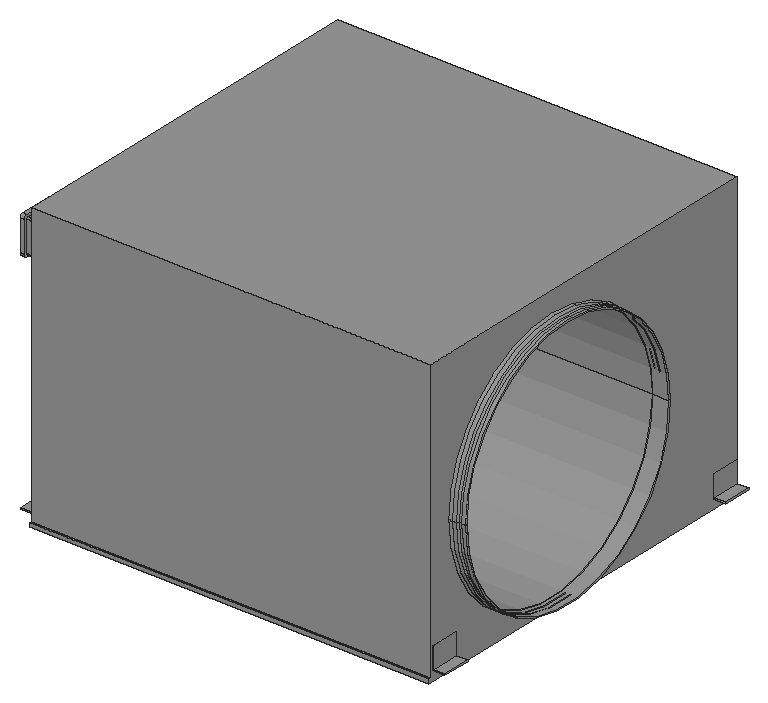
Revit family "IRE 630 E3 ErP AC_", category Mechanical Equipment, Revit 2014
Parameters (values of type "IRE 630 E3 ErP AC")
  Wiring diagram = "Y 4040004 / Δ 4040003"
  Width = 1067 mm
  Weight = 113.00 kg
  Voltage range = "380-415 V"
  Voltage = 400 V
  Speed = "1390 rpm"
  Sound pressure level at 3 m = "56 dB(A)"
  Power = 3210 W
  Phase = 3
  Max. temperature of transported air when speed controlled = 55 °C
  Max. temperature of transported air = 55 °C
  Main Material = Steel, Galvanized
  Height = 703 mm
  Frequency = 50 Hz
  Elevation [instance] = 2600 mm
  Diameter = 630 mm
  Description = "Insulated duct fans with circular connections"
  Depth = 955 mm
  Current = 8.9 A
  Capacitor = "- μF"
Reference planes
  plane 1 "Center (Front/Back)": y = 0
  plane 2: z = 0
  plane 3 "Center (Left/Right)": x = 0
  plane 4: z = 2600
Dimensions and locks
  "Elevation": plane 4 to plane 2
  aligned and locked: level to plane 2
  aligned and locked: nested 1 to plane 4
  aligned and locked: plane 3 "Center (Left/Right)" to nested 1
  aligned and locked: plane 1 "Center (Front/Back)" to nested 1
  aligned and locked: nested 1 to nested 2  (x2)
Nested families
  nested 1: "IRE" at (0, 0, 2600), type "IRE"
  nested 2: "Flow direction symbol" at (0, 0, 0), type "Flow direction symbol"
Connectors
  hvac at (-533.5, -101.5, 2937), driven by "Diameter"
    settings: on nested 1, index 1, duct flow 0.0 L/s, flow factor 0, pres drop 0.0 Pa, loss coef 0, conn angle 0.00°, conn width 304.8 mm, conn height 304.8 mm, conn diameter 630 mm, duct sys type 1, conn prof type 0, flow config 0, flow direction 1, loss method 0, conn ref index -1, conn util no, is conn primary yes, conn desc ""
  electrical at (-533.5, -408, 3219.5), driven by "Phase", driven by "Voltage", driven by "Power"
    settings: on nested 1, index 2, voltage 400 V, apparent load 0 VA, apparent load phase1 3210 VA, apparent load phase2 0 VA, apparent load phase3 0 VA, power factor 1, load classification "HVAC", number of poles 3, system type 31, power factor state 1, is connector primary yes, connector utility no, sub classification motor no, connector description ""
  hvac at (533.5, -101.5, 2937), driven by "Diameter"
    settings: on nested 1, index 3, duct flow 0.0 L/s, flow factor 0, pres drop 0.0 Pa, loss coef 0, conn angle 0.00°, conn width 304.8 mm, conn height 304.8 mm, conn diameter 630 mm, duct sys type 3, conn prof type 0, flow config 0, flow direction 2, loss method 0, conn ref index -1, conn util no, is conn primary no, conn desc ""
Definition of nested family "IRE"
  Parameters (values of type "IRE")
    Width = 1067 mm
    Main Material = Steel, Galvanized
    Height = 703 mm
    Description = ""
    Depth = 955 mm
  Reference planes
    plane 1 "Center (Front/Back)": y = 0
    plane 2: z = 0
    plane 3 "Center (Left/Right)": x = 0
    plane 4: z = 703
    plane 5 "Horizontal Pipe Axis": z = 337
    plane 6: z = 10
    plane 7: z = 693
    plane 8: x = -492
    plane 9: x = 492
    plane 10: x = -533.5
    plane 11: x = 533.5
    plane 12: y = 477.5
    plane 13: y = -477.5
    plane 14 "Vertical Pipe Axis": y = -101.5
    plane 15: x = -523.5
  Forms (mm)
    Extrusion 1, solid, material "Steel, Galvanized" <- "Main Material", detail levels medium+fine
      sketch origin (0, 0, 0) x (0, 1, 0) y (0, 0, 1)
        loop
          line (-477.5, 0) -> (477.5, 0) -> (477.5, 10) -> (472.5, 10) -> (472.5, 11) -> (472.5, 703) -> (-472.5, 703) -> (-472.5, 10) -> (-477.5, 10) -> (-477.5, 0)
      from -492 to 492
    Extrusion 2, void
      sketch origin (0, 0, 0) x (0, 1, 0) y (0, 0, 1)
        loop
          circle (-101.5, 337) r 312.5
      from -809.837 to 685.981
    Extrusion 3, solid, material "Steel, Galvanized" <- "Main Material", detail levels coarse
      sketch origin (0, 0, 0) x (0, 1, 0) y (0, 0, 1)
        loop
          circle (-101.5, 337) r 315
      from 492 to 533.5
    Extrusion 4, solid, material "Steel, Galvanized" <- "Main Material", detail levels coarse
      sketch origin (0, 0, 0) x (0, 1, 0) y (0, 0, -1)
        loop
          circle (-101.5, -337) r 315
      from 492 to 533.5
    Revolve 5, solid, material "Steel, Galvanized" <- "Main Material", detail levels medium+fine
      sketch origin (0, 0, 337) x (-1, 0, 0) y (0, -1, 0)
        loop
          line (533.5, 101.5) -> (492, 101.5) -> (492, -214.125)
          arc (492, -214.125) -> (496.25, -216.125) -> (500.5, -214.125) r 5.516
          line (500.5, -214.125) -> (512.875, -214.125) -> (515.5, -211.5) -> (525.5, -211.5) -> (525.5, -213.5) -> (533.5, -213.5) -> (533.5, 101.5)
        axis (492, 101.5) -> (533.5, 101.5)
      angle from 0 to 360
    Extrusion 6, solid, material "Steel, Galvanized" <- "Main Material", detail levels coarse
      sketch origin (0, 0, 0) x (0, 1, 0) y (0, 0, 1)
        loop
          line (477.5, 703) -> (-477.5, 703) -> (-477.5, 0) -> (477.5, 0) -> (477.5, 703)
      from -492 to 492
    Sweep 7, solid, material "Plastic, Opaque White", detail levels medium+fine
      path origin (0, 0, 0) x (1, 0, 0) y (0, 1, 0)
        loop
          line (-523.5, 467.5) -> (-533.5, 467.5)
      profile origin (-528.5, 467.5, 0) x (0, -1, 0) y (0, 0, 1)
        loop
          arc (837.073, 666) -> (831.365, 663.635) -> (829, 657.927) r 8.073
          line (829, 657.927) -> (829, 581.073)
          arc (829, 581.073) -> (831.365, 575.365) -> (837.073, 573) r 8.073
          line (837.073, 573) -> (913.927, 573)
          arc (913.927, 573) -> (919.635, 575.365) -> (922, 581.073) r 8.073
          line (922, 581.073) -> (922, 657.927)
          arc (922, 657.927) -> (919.635, 663.635) -> (913.927, 666) r 8.073
          line (913.927, 666) -> (837.073, 666)
    Sweep 8, solid, material "Plastic, Opaque White", detail levels medium+fine
      path origin (0, 0, 0) x (1, 0, 0) y (0, 1, 0)
        loop
          line (-523.5, 426) -> (-492, 426)
      profile origin (-507.75, 426, 0) x (0, 1, 0) y (0, 0, 1)
        loop
          line (-795.573, 661) -> (-872.427, 661)
          arc (-872.427, 661) -> (-874.6, 660.1) -> (-875.5, 657.927) r 3.073
          line (-875.5, 657.927) -> (-875.5, 581.073)
          arc (-875.5, 581.073) -> (-874.6, 578.9) -> (-872.427, 578) r 3.073
          line (-872.427, 578) -> (-795.573, 578)
          arc (-795.573, 578) -> (-793.4, 578.9) -> (-792.5, 581.073) r 3.073
          line (-792.5, 581.073) -> (-792.5, 657.927)
          arc (-792.5, 657.927) -> (-793.4, 660.1) -> (-795.573, 661) r 3.073
    Revolve 9, solid, material "Steel, Galvanized" <- "Main Material", detail levels medium+fine
      sketch origin (0, 0, 337) x (1, 0, 0) y (0, -1, 0)
        loop
          line (533.5, 101.5) -> (492, 101.5) -> (492, -214.125)
          arc (492, -214.125) -> (496.25, -216.125) -> (500.5, -214.125) r 5.516
          line (500.5, -214.125) -> (512.875, -214.125) -> (515.5, -211.5) -> (525.5, -211.5) -> (525.5, -213.5) -> (533.5, -213.5) -> (533.5, 101.5)
        axis (492, 101.5) -> (533.5, 101.5)
      angle from 0 to 360
    Sweep 10, solid, material "Steel, Galvanized" <- "Main Material", detail levels medium+fine
      path origin (-492, 466.36, 1200) x (0, 1, 0) y (0, 0, 1)
        loop
          line (1.14, -1190) -> (-68.86, -1190)
      profile origin (-492, 432.5, 10) x (0, 0, -1) y (1, 0, 0)
        loop
          line (-15, -31.5) -> (-15, 0) -> (-70, 0) -> (-70, -3) -> (-18, -3) -> (-18, -31.5) -> (-15, -31.5)
    Sweep 11, solid, material "Steel, Galvanized" <- "Main Material", detail levels medium+fine
      path origin (-492, -466.36, 1200) x (0, -1, 0) y (0, 0, -1)
        loop
          line (1.14, 1190) -> (-68.86, 1190)
      profile origin (-492, -432.5, 10) x (0, 0, 1) y (1, 0, 0)
        loop
          line (15, -31.5) -> (18, -31.5) -> (18, -3) -> (70, -3) -> (70, 0) -> (15, 0) -> (15, -31.5)
    Sweep 12, solid, material "Steel, Galvanized" <- "Main Material", detail levels medium+fine
      path origin (492, 466.36, 1200) x (0, 1, 0) y (0, 0, 1)
        loop
          line (1.14, -1190) -> (-68.86, -1190)
      profile origin (492, 432.5, 10) x (0, 0, 1) y (-1, 0, 0)
        loop
          line (15, -31.5) -> (18, -31.5) -> (18, -3) -> (70, -3) -> (70, 0) -> (15, 0) -> (15, -31.5)
    Sweep 13, solid, material "Steel, Galvanized" <- "Main Material", detail levels medium+fine
      path origin (492, 466.36, 1200) x (0, 1, 0) y (0, 0, 1)
        loop
          line (-933.86, -1190) -> (-863.86, -1190)
      profile origin (492, -432.5, 10) x (0, 0, -1) y (-1, 0, 0)
        loop
          line (-15, -31.5) -> (-15, 0) -> (-70, 0) -> (-70, -3) -> (-18, -3) -> (-18, -31.5) -> (-15, -31.5)
  Cuts and joins
    Extrusion 2 cuts Extrusion 1
    joined: Sweep 7, Sweep 8
    Extrusion 2 cuts Revolve 5
    Extrusion 2 cuts Revolve 9
  Dimensions and locks
    equal spacing: plane 10, plane 3 "Center (Left/Right)", plane 11
    "Width": plane 10 to plane 11
    "Height": plane 4 to level
    locked: plane 4 to plane 7 at 10
    locked: plane 10 to plane 15 at 10
    locked: plane 10 to plane 8 at 41.5
    locked: plane 9 to plane 11 at 41.5
    "Depth": plane 13 to plane 12
    locked: plane 14 "Vertical Pipe Axis" to Revolve 5 sketch curve at 315
    locked: plane 14 "Vertical Pipe Axis" to Revolve 5 sketch curve at 313
    plane 14 "Vertical Pipe Axis" to Revolve 5 sketch curve = 315.625 mm
    locked: Revolve 9 sketch curve to plane 14 "Vertical Pipe Axis" at 315.625
    locked: Revolve 9 sketch curve to plane 14 "Vertical Pipe Axis" at 313
    locked: Revolve 9 sketch curve to plane 14 "Vertical Pipe Axis" at 315
    plane 12 to Sweep 10 sketch curve to Sweep 10 sketch curve = 10 mm locked, 70 mm locked
    equal spacing: plane 13, plane 1 "Center (Front/Back)", plane 12
    locked: Sweep 11 sketch curve to Sweep 11 sketch curve at 70
    locked: Sweep 11 sketch curve to plane 13 at 10
    locked: Sweep 12 sketch curve to Sweep 12 sketch curve at 70
    locked: Sweep 13 sketch curve to Sweep 13 sketch curve at 70
    locked: Sweep 13 sketch curve to plane 13 at 10
    locked: plane 12 to Sweep 12 sketch curve at 10
    plane 13 to plane 14 "Vertical Pipe Axis" = 376 mm
    plane 4 to plane 5 "Horizontal Pipe Axis" = 366 mm
    aligned and locked: level to plane 2
    aligned and locked: Extrusion 1 sketch curve to plane 13
    aligned and locked: plane 2 to Extrusion 1 sketch curve
    aligned and locked: Extrusion 1 sketch curve to plane 12
    aligned and locked: Extrusion 1 to plane 9
    aligned and locked: Extrusion 1 to plane 8
    aligned and locked: Extrusion 3 to plane 11
    aligned and locked: plane 9 to Extrusion 3
    aligned and locked: Extrusion 4 to plane 10
    aligned and locked: plane 8 to Extrusion 4
    aligned and locked: Extrusion 4 to plane 8
    aligned and locked: plane 4 to Extrusion 6 sketch curve
    aligned and locked: plane 12 to Extrusion 6 sketch curve
    aligned and locked: Extrusion 6 sketch curve to cut or joined group of Extrusion 1, Extrusion 2  (x2)
    aligned and locked: Extrusion 6 to plane 8
    aligned and locked: Extrusion 6 to plane 9
    aligned and locked: plane 10 to Sweep 7 sketch curve
    aligned and locked: plane 15 to Sweep 7 sketch curve
    aligned and locked: plane 8 to Sweep 8 sketch curve
    aligned and locked: plane 15 to Sweep 8 sketch curve
    aligned and locked: Revolve 5 sketch curve to plane 14 "Vertical Pipe Axis"  (x2)
    aligned and locked: plane 9 to Revolve 9 sketch curve
    aligned and locked: Revolve 9 sketch curve to plane 11
    aligned and locked: plane 14 "Vertical Pipe Axis" to Revolve 9 sketch curve  (x2)
    aligned and locked: plane 6 to Sweep 11 sketch curve
    aligned and locked: plane 6 to Sweep 13 sketch curve
    aligned and locked: Sweep 12 sketch curve to plane 6
  Automatic sketch dimensions
    Extrusion 1 sketch curve to plane 4 = 0 mm
    Extrusion 1 sketch curve to plane 6 = 0 mm  (x2)
    Extrusion 1 sketch curve to plane 13 = 5 mm
    Extrusion 1 sketch curve to plane 12 = 5 mm
    plane 6 to Extrusion 1 sketch curve = 1 mm
    Extrusion 2 sketch curve to plane 5 "Horizontal Pipe Axis" = 0 mm
    Extrusion 2 sketch curve to plane 14 "Vertical Pipe Axis" = 0 mm
    Extrusion 3 sketch curve to plane 5 "Horizontal Pipe Axis" = 0 mm
    Extrusion 3 sketch curve to plane 14 "Vertical Pipe Axis" = 0 mm
    Extrusion 4 sketch curve to plane 5 "Horizontal Pipe Axis" = 0 mm
    Extrusion 4 sketch curve to plane 14 "Vertical Pipe Axis" = 0 mm
    Revolve 5 sketch curve to plane 8 = 0 mm  (x2)
    Revolve 5 sketch curve to plane 10 = 0 mm
    Revolve 5 sketch curve to plane 8 = 4.25 mm
    Revolve 5 sketch curve to Revolve 5 sketch curve = 4.25 mm
    plane 15 to Revolve 5 sketch curve = 10.625 mm
    Revolve 5 sketch curve to Revolve 5 sketch curve = 2.625 mm
    Revolve 5 sketch curve to plane 15 = 2 mm
    Revolve 5 sketch curve to Revolve 5 sketch curve = 3.515 mm
    Revolve 5 sketch curve to Revolve 5 sketch curve = 93.5 mm
    Sweep 7 sketch curve to plane 12 = 10 mm
    Sweep 7 sketch curve to profile plane = 829 mm
    Sweep 7 sketch curve to Sweep 7 sketch curve = 8.073 mm  (x3)
    Sweep 7 sketch curve to Sweep 7 sketch curve = 76.854 mm  (x3)
    level to Sweep 7 sketch curve = 573 mm
    Sweep 8 sketch curve to plane 12 = 51.5 mm
    profile plane to Sweep 8 sketch curve = 875.5 mm
    Sweep 8 sketch curve to Sweep 8 sketch curve = 3.073 mm  (x3)
    Sweep 8 sketch curve to Sweep 8 sketch curve = 76.854 mm  (x2)
    Sweep 8 sketch curve to Sweep 8 sketch curve = 0 mm
    level to Sweep 8 sketch curve = 578 mm
    Revolve 9 sketch curve to plane 9 = 0 mm
    plane 9 to Revolve 9 sketch curve = 4.25 mm
    Revolve 9 sketch curve to Revolve 9 sketch curve = 4.25 mm
    Revolve 9 sketch curve to Revolve 9 sketch curve = 12.375 mm
    Revolve 9 sketch curve to Revolve 9 sketch curve = 2.625 mm
    Revolve 9 sketch curve to Revolve 9 sketch curve = 8 mm
    Revolve 9 sketch curve to Revolve 9 sketch curve = 3.515 mm
    plane 11 to Revolve 9 sketch curve = 93.5 mm
    Sweep 10 sketch curve to plane 6 = 0 mm
    Sweep 10 sketch curve to plane 8 = 0 mm
    profile plane to Sweep 10 sketch curve = 70 mm
    Sweep 10 sketch curve to plane 8 = 3 mm
    profile plane to Sweep 10 sketch curve = 18 mm
    Sweep 10 sketch curve to Sweep 10 sketch curve = 3 mm
    Sweep 10 sketch curve to Sweep 10 sketch curve = 28.5 mm
    Sweep 11 sketch curve to plane 8 = 0 mm
    Sweep 11 sketch curve to profile plane = 15 mm
    Sweep 11 sketch curve to Sweep 11 sketch curve = 3 mm
    Sweep 11 sketch curve to Sweep 11 sketch curve = 52 mm
    Sweep 11 sketch curve to plane 8 = 3 mm
    Sweep 11 sketch curve to Sweep 11 sketch curve = 28.5 mm
    profile plane to Sweep 12 sketch curve = 0 mm
    Sweep 12 sketch curve to profile plane = 15 mm
    Sweep 12 sketch curve to Sweep 12 sketch curve = 3 mm  (x2)
    Sweep 12 sketch curve to Sweep 12 sketch curve = 52 mm
    Sweep 12 sketch curve to Sweep 12 sketch curve = 28.5 mm
    profile plane to Sweep 13 sketch curve = 0 mm
    profile plane to Sweep 13 sketch curve = 70 mm
    Sweep 13 sketch curve to profile plane = 3 mm
    profile plane to Sweep 13 sketch curve = 18 mm
    Sweep 13 sketch curve to Sweep 13 sketch curve = 3 mm
    Sweep 13 sketch curve to Sweep 13 sketch curve = 28.5 mm
    radius of Extrusion 2 sketch curve = 312.5 mm
    radius of Extrusion 3 sketch curve = 315 mm
    radius of Extrusion 4 sketch curve = 315 mm
Definition of nested family "Flow direction symbol"
  Parameters (values of type "Flow direction symbol")
    Warning = "!"
    Text = "DIMENSIONS OVERCONSTRAINT"
  Reference planes
    plane 1: y = 0
    plane 2: x = 0
  Lines and regions (mm)
    detail lines
      curve 1: line (-0.506, 0.877, 0) -> (-0.506, -0.877, 0)
      curve 2: line (1.012, 0, 0) -> (-0.506, -0.877, 0)
      curve 3: line (-0.506, 0.877, 0) -> (1.012, 0, 0)
      curve 4: circle (0, 0, 0) r 1 normal (0, 0, 1)
